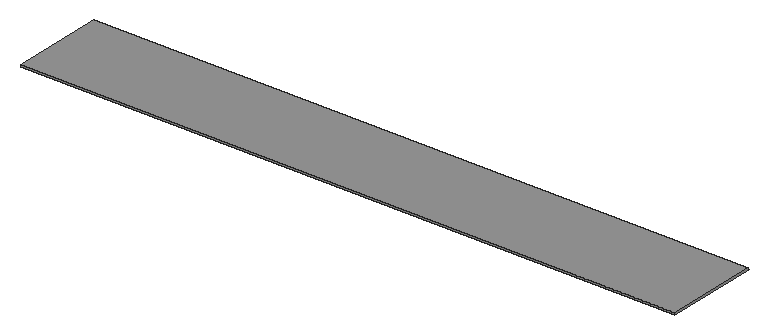
Revit family "Ramp", category Generic Models, Revit 2016
Family settings
  Part Type = Normal
  Can host rebar = No
  Round Connector Dimension = Use Diameter
  Work Plane-Based = No
  Always vertical = Yes
  Cut with Voids When Loaded = No
  Shared = No
  Room Calculation Point = No
Parameters
  l [instance] = 200' - 0"
  h [instance] = 2' - 6.27002"
  w [instance] = 28' - 0"
  Width [instance] = w  # 28' - 0"
  Ramp Angle [instance] = atan(h / l)  # 0.722605°
  Length [instance] = l  # 200' - 0"
  Area [instance] = Width * (h / sin(Ramp Angle))  # 5600.45 SF
Reference planes (in)
  plane 1 "Center (Front/Back)": y = 0
  plane 2: z = 0
  plane 3 "Center (Left/Right)": x = 0
  plane 4: y = -336
  plane 5: x = 2400
  plane 6 "Ramp": through (0, -180, 0) normal (-0.0126, 0, 0.9999)
  plane 7: z = 30.27002
Forms (in)
  Extrusion 1, solid, material "Concrete, Broom Finish"
    sketch origin (0, 0, 0) x (1, 0, 0) y (0, 0, 1)
      loop
        line (0, 0) -> (2400, 30.27002) -> (2399.92433, 36.26954) -> (-0.07567, 5.99952) -> (0, 0)
    from 0 to 336 <- "w"
Dimensions and locks (in)
  "Length": plane 3 "Center (Left/Right)" to plane 5
  "l": plane 5 to plane 3 "Center (Left/Right)"
  "h": plane 7 to level
  Extrusion 1 sketch curve to Extrusion 1 sketch curve = 0' - 6"
  "Width": plane 4 to plane 1 "Center (Front/Back)"
  "Ramp Angle": angle level to plane 6 "Ramp"
  aligned and locked: level to plane 2
  aligned and locked: plane 6 "Ramp" to Extrusion 1
  aligned and locked: plane 4 to Extrusion 1
Automatic sketch dimensions
  Extrusion 1 sketch curve to level = 0' - 0"
  Extrusion 1 sketch curve to plane 3 "Center (Left/Right)" = 0' - 0"
  plane 5 to Extrusion 1 sketch curve = 0' - 0"
  Extrusion 1 sketch curve to plane 6 "Ramp" = 0' - 0"
